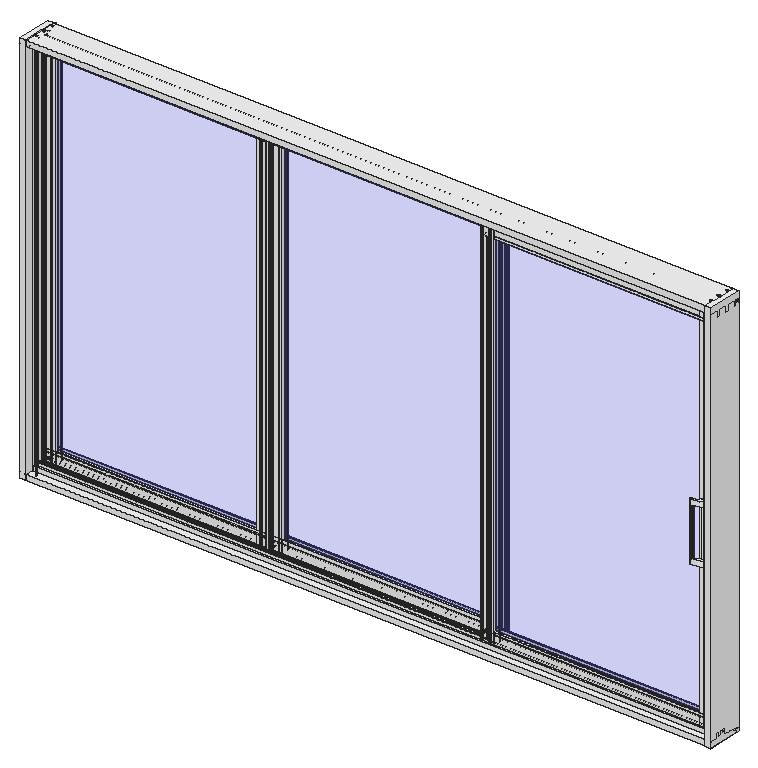
Revit family "Patio-Door_R-550-2-0_3-Light_XOO_7in_Novatech", category Doors, host Wall, Revit 2026 (continued)
Definition of nested family "NOVATECH_R-550 (2.0)_3 LIGHT_XOO_7in_SASH_O_MID"
  Definition of nested family "NOVATECH_650_2 LIGHT_SASH_O_SILL1"
    Automatic sketch dimensions
      Extrusion 1 sketch curve to Extrusion 1 sketch curve = 0.01575"  (x2)
      Extrusion 1 sketch curve to Extrusion 1 sketch curve = 0.00787"
      Extrusion 1 sketch curve to Extrusion 1 sketch curve = 0.02953"  (x2)
      level to Extrusion 1 sketch curve = 0.29592"
      Extrusion 1 sketch curve to Extrusion 1 sketch curve = 0.0748"  (x4)
      Extrusion 1 sketch curve to Extrusion 1 sketch curve = 0.03092"
      Extrusion 1 sketch curve to Extrusion 1 sketch curve = 0.00937"
      Extrusion 1 sketch curve to Extrusion 1 sketch curve = 0.00959"
      Extrusion 1 sketch curve to Extrusion 1 sketch curve = 0.00598"
      Extrusion 1 sketch curve to Extrusion 1 sketch curve = 0.01461"
      Extrusion 1 sketch curve to Extrusion 1 sketch curve = 0.00819"
      Extrusion 1 sketch curve to Extrusion 1 sketch curve = 0.0222"
      Extrusion 1 sketch curve to Extrusion 1 sketch curve = 0.03408"
      Extrusion 1 sketch curve to Extrusion 1 sketch curve = 0.06962"
      Extrusion 1 sketch curve to Extrusion 1 sketch curve = 0.06844"
      Extrusion 1 sketch curve to Extrusion 1 sketch curve = 0.04657"
      Extrusion 1 sketch curve to Extrusion 1 sketch curve = 0.00316"
      Extrusion 1 sketch curve to Extrusion 1 sketch curve = 0.00969"
      Extrusion 1 sketch curve to Extrusion 1 sketch curve = 0.06392"
      Extrusion 1 sketch curve to Extrusion 1 sketch curve = 0.01918"
      Extrusion 1 sketch curve to Extrusion 1 sketch curve = 0.05118"  (x4)
      Extrusion 1 sketch curve to Extrusion 1 sketch curve = 0.27362"
      Extrusion 1 sketch curve to Extrusion 1 sketch curve = 0.1068"
      Extrusion 1 sketch curve to Extrusion 1 sketch curve = 0.0059"
      Extrusion 1 sketch curve to Extrusion 1 sketch curve = 0.33858"
      Extrusion 1 sketch curve to Extrusion 1 sketch curve = 0.03549"  (x2)
      Extrusion 1 sketch curve to Extrusion 1 sketch curve = 0.01569"  (x2)
      Extrusion 1 sketch curve to Extrusion 1 sketch curve = 0.01969"  (x4)
      Extrusion 1 sketch curve to Extrusion 1 sketch curve = 0.04337"  (x2)
      Extrusion 1 sketch curve to Extrusion 1 sketch curve = 0.06493"
      level to Extrusion 1 sketch curve = 1.03252"
      Extrusion 1 sketch curve to Extrusion 1 sketch curve = 0.0229"
      level to Extrusion 1 sketch curve = 0.10955"
      Extrusion 1 sketch curve to Extrusion 1 sketch curve = 0.40333"
      Extrusion 1 sketch curve to Extrusion 1 sketch curve = 0.01239"
      Extrusion 1 sketch curve to Extrusion 1 sketch curve = 0.02058"
      Extrusion 1 sketch curve to Extrusion 1 sketch curve = 0.00967"  (x2)
      Extrusion 1 sketch curve to Extrusion 1 sketch curve = 0.00631"
      Extrusion 1 sketch curve to Extrusion 1 sketch curve = 0.0616"
      level to Extrusion 1 sketch curve = 0.06892"
      Extrusion 1 sketch curve to Extrusion 1 sketch curve = 0.05043"
      Extrusion 1 sketch curve to Extrusion 1 sketch curve = 0.1482"
      Extrusion 1 sketch curve to Extrusion 1 sketch curve = 0.04272"
      Extrusion 1 sketch curve to Extrusion 1 sketch curve = 0.03356"
      Extrusion 1 sketch curve to Extrusion 1 sketch curve = 0.07449"
      Extrusion 1 sketch curve to Extrusion 1 sketch curve = 0.07874"  (x2)
      level to Extrusion 1 sketch curve = 0.14323"
      Extrusion 1 sketch curve to Extrusion 1 sketch curve = 0.5026"
      Extrusion 1 sketch curve to Extrusion 1 sketch curve = 0.50659"
      Extrusion 1 sketch curve to Extrusion 1 sketch curve = 0.03075"
      Extrusion 1 sketch curve to Extrusion 1 sketch curve = 0.1404"
      Extrusion 1 sketch curve to Extrusion 1 sketch curve = 0.01904"
      Extrusion 1 sketch curve to Extrusion 1 sketch curve = 0.00065"
      Extrusion 1 sketch curve to Extrusion 1 sketch curve = 1"
      Extrusion 1 sketch curve to Extrusion 1 sketch curve = 0.03346"
      Extrusion 1 sketch curve to Extrusion 1 sketch curve = 0.11599"
      level to Extrusion 1 sketch curve = 0.90785"
      Extrusion 1 sketch curve to Extrusion 1 sketch curve = 0.09816"
      level to Extrusion 1 sketch curve = 0.74086"
      Extrusion 1 sketch curve to Extrusion 1 sketch curve = 0.09827"
      level to Extrusion 1 sketch curve = 0.30513"
      Extrusion 1 sketch curve to Extrusion 1 sketch curve = 0.41244"
      level to Extrusion 1 sketch curve = 0.01275"
      Extrusion 1 sketch curve to Extrusion 1 sketch curve = 0.00019"
      Extrusion 1 sketch curve to Extrusion 1 sketch curve = 0.03978"
      Extrusion 1 sketch curve to Extrusion 1 sketch curve = 0.20669"
      Extrusion 1 sketch curve to Extrusion 1 sketch curve = 0.00411"
      Extrusion 1 sketch curve to Extrusion 1 sketch curve = 0.03502"
      Extrusion 1 sketch curve to Extrusion 1 sketch curve = 0.07481"
      Extrusion 1 sketch curve to Extrusion 1 sketch curve = 0.01687"
      Extrusion 1 sketch curve to Extrusion 1 sketch curve = 0.01124"
      Extrusion 1 sketch curve to Extrusion 1 sketch curve = 0.22711"
      Extrusion 1 sketch curve to Extrusion 1 sketch curve = 0.1947"
      Extrusion 1 sketch curve to Extrusion 1 sketch curve = 0.41612"
      Extrusion 1 sketch curve to Extrusion 1 sketch curve = 0.00031"
      Extrusion 1 sketch curve to Extrusion 1 sketch curve = 0.00715"  (x2)
      Extrusion 1 sketch curve to Extrusion 1 sketch curve = 0.01615"  (x2)
      Extrusion 1 sketch curve to Extrusion 1 sketch curve = 0.00335"
      Extrusion 1 sketch curve to Extrusion 1 sketch curve = 0.05481"
      Extrusion 1 sketch curve to Extrusion 1 sketch curve = 0.03956"
      Extrusion 1 sketch curve to Extrusion 1 sketch curve = 0.06299"  (x4)
      Extrusion 1 sketch curve to Extrusion 1 sketch curve = 0.1811"  (x2)
      Extrusion 1 sketch curve to Extrusion 1 sketch curve = 0.09535"
      Extrusion 1 sketch curve to Extrusion 1 sketch curve = 0.21137"
      Extrusion 1 sketch curve to Extrusion 1 sketch curve = 0.87008"
      Extrusion 1 sketch curve to Extrusion 1 sketch curve = 0.07575"
      Extrusion 1 sketch curve to Extrusion 1 sketch curve = 0.00048"
      Extrusion 1 sketch curve to Extrusion 1 sketch curve = 0.01881"
      Extrusion 1 sketch curve to Extrusion 1 sketch curve = 0.00339"
      Extrusion 1 sketch curve to Extrusion 1 sketch curve = 0.012"
      Extrusion 1 sketch curve to Extrusion 1 sketch curve = 0.08274"
      Extrusion 1 sketch curve to Extrusion 1 sketch curve = 0.05959"
      Extrusion 1 sketch curve to Extrusion 1 sketch curve = 0.16787"
      Extrusion 1 sketch curve to Extrusion 1 sketch curve = 0.00014"  (x2)
      Extrusion 1 sketch curve to Extrusion 1 sketch curve = 0.00724"
      Extrusion 1 sketch curve to Extrusion 1 sketch curve = 0.00785"
      Extrusion 1 sketch curve to Extrusion 1 sketch curve = 0.00992"
      Extrusion 1 sketch curve to Extrusion 1 sketch curve = 0.01537"
      Extrusion 1 sketch curve to Extrusion 1 sketch curve = 0.05162"
      Extrusion 1 sketch curve to Extrusion 1 sketch curve = 0.12471"
      Extrusion 1 sketch curve to Extrusion 1 sketch curve = 0.50115"
      Extrusion 1 sketch curve to Extrusion 1 sketch curve = 0.52341"
      Extrusion 1 sketch curve to Extrusion 1 sketch curve = 0.02226"
      Extrusion 1 sketch curve to Extrusion 1 sketch curve = 0.00984"
      Extrusion 1 sketch curve to Extrusion 1 sketch curve = 0.04131"
  Definition of nested family "NOVATECH_650_3 LIGHT_OXO_SASH_O_HEADER"
    Parameters (values of type "O HEADER")
      Length [instance] = 25.4316"
      Frame Material = none
      Default Elevation = 0"
    Reference planes (in)
      plane 1 "Center (Front/Back)": y = 0
      plane 2: z = 0
      plane 3 "Center (Left/Right)": x = 0
      plane 4: x = 25.4316
    Forms (in)
      Extrusion 1, solid, material <- "Frame Material"
        sketch origin (0, 3.99113, -1.74837) x (0, 1, 0) y (0, 0, 1)
          loop
            line (-2.76869, 4.29213) -> (-2.76869, 4.20908) -> (-2.71751, 4.20908) -> (-2.71751, 4.27208) -> (-2.66633, 4.27208) -> (-2.66633, 3.96499) -> (-2.71751, 3.96499) -> (-2.71751, 4.02798) -> (-2.76869, 4.02798) -> (-2.76869, 3.64252) -> (-3.55609, 3.64252) -> (-3.55609, 4.02798) -> (-3.60728, 4.02798) -> (-3.60728, 3.96499) -> (-3.65846, 3.96499) -> (-3.65846, 4.27208) -> (-3.60728, 4.27208) -> (-3.60728, 4.20908) -> (-3.55609, 4.20908) -> (-3.55609, 4.29213)
            arc (-3.55609, 4.29213) -> (-3.57339, 4.33389) -> (-3.61515, 4.35118) r 0.05906
            line (-3.61515, 4.35118) -> (-3.93208, 4.35118)
            arc (-3.93208, 4.35118) -> (-3.97384, 4.33389) -> (-3.99113, 4.29213) r 0.05906
            line (-3.99113, 4.29213) -> (-3.99113, 1.81194)
            arc (-3.99113, 1.81194) -> (-3.98389, 1.79257) -> (-3.96572, 1.7827) r 0.02953
            line (-3.96572, 1.7827) -> (-3.72145, 1.74837) -> (-3.72145, 1.78968) -> (-3.75491, 1.78968) -> (-3.75491, 2.4378) -> (-3.65663, 2.4378) -> (-3.65663, 2.3126) -> (-2.78262, 2.3126) -> (-2.78262, 2.4378) -> (-2.55413, 2.4378) -> (-2.55413, 2.67402) -> (-2.60531, 2.67402) -> (-2.60531, 2.77244) -> (-2.41239, 2.77244) -> (-2.41239, 2.4378) -> (-2.33365, 2.4378) -> (-2.33365, 4.29213)
            arc (-2.33365, 4.29213) -> (-2.35095, 4.33389) -> (-2.39271, 4.35118) r 0.05906
            line (-2.39271, 4.35118) -> (-2.70964, 4.35118)
            arc (-2.70964, 4.35118) -> (-2.7514, 4.33389) -> (-2.76869, 4.29213) r 0.05906
          loop
            line (-2.33365, 1.77983) -> (-2.33365, 2.41424)
            arc (-2.33365, 2.41424) -> (-2.34153, 2.42788) -> (-2.35728, 2.42788) r 0.01575
            line (-2.35728, 2.42788) -> (-2.3867, 2.41134)
            arc (-2.3867, 2.41134) -> (-2.40913, 2.41876) -> (-2.41969, 2.43989) r 0.03079
            line (-2.41969, 2.43989) -> (-2.43129, 2.60578) -> (-2.46833, 2.69723)
            arc (-2.46833, 2.69723) -> (-2.49406, 2.72434) -> (-2.53137, 2.72666) r 0.05107
            arc (-2.53137, 2.72666) -> (-2.55479, 2.69582) -> (-2.53061, 2.66558) r 0.0315
            line (-2.53061, 2.66558) -> (-2.49742, 2.58344) -> (-2.48648, 2.44027) -> (-2.57331, 2.38618) -> (-2.68011, 2.42243)
            arc (-2.68011, 2.42243) -> (-2.69481, 2.42088) -> (-2.70176, 2.40783) r 0.01575
            line (-2.70176, 2.40783) -> (-2.70176, 1.78968) -> (-2.72145, 1.75031) -> (-2.36318, 1.75031)
            arc (-2.36318, 1.75031) -> (-2.3423, 1.75896) -> (-2.33365, 1.77983) r 0.02953
        from 0 to 25.4316
    Dimensions and locks (in)
      "Length": plane 3 "Center (Left/Right)" to plane 4
      aligned and locked: plane 2 to level
      aligned and locked: plane 4 to Extrusion 1
      aligned and locked: Extrusion 1 to plane 3 "Center (Left/Right)"
    Automatic sketch dimensions
      Extrusion 1 sketch curve to level = 0"
      plane 1 "Center (Front/Back)" to Extrusion 1 sketch curve = 0"
      level to Extrusion 1 sketch curve = 0.03433"
      Extrusion 1 sketch curve to Extrusion 1 sketch curve = 0.02542"
      Extrusion 1 sketch curve to Extrusion 1 sketch curve = 0.02953"
      Extrusion 1 sketch curve to Extrusion 1 sketch curve = 0.05906"
      Extrusion 1 sketch curve to Extrusion 1 sketch curve = 0.20669"
      Extrusion 1 sketch curve to Extrusion 1 sketch curve = 0.03346"
      Extrusion 1 sketch curve to Extrusion 1 sketch curve = 0.27362"  (x2)
      Extrusion 1 sketch curve to Extrusion 1 sketch curve = 0.09828"
      Extrusion 1 sketch curve to Extrusion 1 sketch curve = 0.04331"
      Extrusion 1 sketch curve to Extrusion 1 sketch curve = 0.00787"  (x2)
      Extrusion 1 sketch curve to Extrusion 1 sketch curve = 0.05118"  (x4)
      Extrusion 1 sketch curve to plane 1 "Center (Front/Back)" = 1.20852"
      Extrusion 1 sketch curve to plane 1 "Center (Front/Back)" = 1.22244"  (x2)
      Extrusion 1 sketch curve to plane 1 "Center (Front/Back)" = 1.26968"
      Extrusion 1 sketch curve to plane 1 "Center (Front/Back)" = 1.27362"  (x2)
      Extrusion 1 sketch curve to plane 1 "Center (Front/Back)" = 1.2815"
      Extrusion 1 sketch curve to plane 1 "Center (Front/Back)" = 1.28937"
      Extrusion 1 sketch curve to plane 1 "Center (Front/Back)" = 1.28938"
      Extrusion 1 sketch curve to Extrusion 1 sketch curve = 0.01575"  (x2)
      Extrusion 1 sketch curve to Extrusion 1 sketch curve = 0.0059"
      Extrusion 1 sketch curve to plane 1 "Center (Front/Back)" = 1.38583"
      Extrusion 1 sketch curve to Extrusion 1 sketch curve = 0.1068"
      Extrusion 1 sketch curve to Extrusion 1 sketch curve = 0.01918"
      Extrusion 1 sketch curve to Extrusion 1 sketch curve = 0.02352"
      Extrusion 1 sketch curve to Extrusion 1 sketch curve = 0.00731"
      Extrusion 1 sketch curve to Extrusion 1 sketch curve = 0.01494"
      Extrusion 1 sketch curve to Extrusion 1 sketch curve = 0.03319"
      Extrusion 1 sketch curve to Extrusion 1 sketch curve = 0.06765"
      Extrusion 1 sketch curve to Extrusion 1 sketch curve = 0.04734"
      Extrusion 1 sketch curve to Extrusion 1 sketch curve = 0.06613"
      Extrusion 1 sketch curve to Extrusion 1 sketch curve = 0.06679"
      Extrusion 1 sketch curve to Extrusion 1 sketch curve = 0.0073"
      Extrusion 1 sketch curve to Extrusion 1 sketch curve = 0.02341"
      Extrusion 1 sketch curve to Extrusion 1 sketch curve = 0.00228"
      level to Extrusion 1 sketch curve = 0.00194"
      Extrusion 1 sketch curve to Extrusion 1 sketch curve = 0.33858"
      Extrusion 1 sketch curve to Extrusion 1 sketch curve = 0.02942"
      Extrusion 1 sketch curve to Extrusion 1 sketch curve = 0.02362"
      level to Extrusion 1 sketch curve = 0.04131"  (x2)
      Extrusion 1 sketch curve to Extrusion 1 sketch curve = 0.52292"
      Extrusion 1 sketch curve to Extrusion 1 sketch curve = 0.07358"
      Extrusion 1 sketch curve to Extrusion 1 sketch curve = 0.02165"
      Extrusion 1 sketch curve to Extrusion 1 sketch curve = 0"
      Extrusion 1 sketch curve to Extrusion 1 sketch curve = 0.02516"
      Extrusion 1 sketch curve to Extrusion 1 sketch curve = 0.0029"
      Extrusion 1 sketch curve to Extrusion 1 sketch curve = 0.05162"
      Extrusion 1 sketch curve to Extrusion 1 sketch curve = 0.02356"
      Extrusion 1 sketch curve to Extrusion 1 sketch curve = 0.1252"
      Extrusion 1 sketch curve to Extrusion 1 sketch curve = 0.00209"
      Extrusion 1 sketch curve to Extrusion 1 sketch curve = 0.00038"
      Extrusion 1 sketch curve to Extrusion 1 sketch curve = 0.14318"
      Extrusion 1 sketch curve to Extrusion 1 sketch curve = 0.02234"
      Extrusion 1 sketch curve to Extrusion 1 sketch curve = 0.08214"
      Extrusion 1 sketch curve to Extrusion 1 sketch curve = 0.00844"
      Extrusion 1 sketch curve to Extrusion 1 sketch curve = 0.01248"
      Extrusion 1 sketch curve to Extrusion 1 sketch curve = 0.01815"
      Extrusion 1 sketch curve to Extrusion 1 sketch curve = 0.01917"
      Extrusion 1 sketch curve to Extrusion 1 sketch curve = 0.07521"
      Extrusion 1 sketch curve to Extrusion 1 sketch curve = 1.20472"
      Extrusion 1 sketch curve to Extrusion 1 sketch curve = 0.32247"  (x2)
      Extrusion 1 sketch curve to Extrusion 1 sketch curve = 0.06299"  (x4)
      Extrusion 1 sketch curve to Extrusion 1 sketch curve = 0.1811"  (x2)
      Extrusion 1 sketch curve to Extrusion 1 sketch curve = 0.02005"  (x2)
  Definition of nested family "NOVATECH_650_2 LIGHT_SASH_O_LEFT"
    Parameters (values of type "NOVATECH_650_2 LIGHT_SASH_X_RIGHT")
      Length = 91 121/128"
      Frame Material = none
      Default Elevation = 0"
    Types (2): name | Length
      NOVATECH_650_2 LIGHT_SASH_X_RIGHT | 91 121/128"
      X_RIGHT | 75 121/128"
    Reference planes (in)
      plane 1 "Center (Front/Back)": y = 0
      plane 2: z = 0
      plane 3 "Center (Left/Right)": x = 0
      plane 4: z = 91.94531
      plane 5: y = 1.34858
    Forms (in)
      Extrusion 1, solid, material <- "Frame Material"
        sketch origin (0, 0, 0) x (1, 0, 0) y (0, 1, 0)
          loop
            arc (0, 2.62973) -> (-0.00724, 2.6491) -> (-0.02542, 2.65897) r 0.02953
            line (-0.02542, 2.65897) -> (-0.2697, 2.6933) -> (-0.2697, 2.65199) -> (-0.23622, 2.65199) -> (-0.23622, 2.00387) -> (-0.33269, 2.00387) -> (-0.33269, 2.12907) -> (-1.20671, 2.12907) -> (-1.20671, 2.00387) -> (-1.43701, 2.00387) -> (-1.43701, 1.76765) -> (-1.38583, 1.76765) -> (-1.38583, 1.66923) -> (-1.57874, 1.66923) -> (-1.57874, 2.00387) -> (-1.65748, 2.00387) -> (-1.65748, 0.14954)
            arc (-1.65748, 0.14954) -> (-1.64018, 0.10778) -> (-1.59843, 0.09049) r 0.05906
            line (-1.59843, 0.09049) -> (-1.2815, 0.09049)
            arc (-1.2815, 0.09049) -> (-1.23974, 0.10778) -> (-1.22244, 0.14954) r 0.05906
            line (-1.22244, 0.14954) -> (-1.22244, 0.21684)
            arc (-1.22244, 0.21684) -> (-1.24803, 0.23208) -> (-1.27362, 0.21684) r 0.02911
            line (-1.27362, 0.21684) -> (-1.27362, 0.18534)
            arc (-1.27362, 0.18534) -> (-1.29921, 0.16614) -> (-1.3248, 0.18534) r 0.02665
            line (-1.3248, 0.18534) -> (-1.3248, 0.46093)
            arc (-1.3248, 0.46093) -> (-1.29921, 0.47787) -> (-1.27362, 0.46093) r 0.0278
            line (-1.27362, 0.46093) -> (-1.27362, 0.42944)
            arc (-1.27362, 0.42944) -> (-1.24803, 0.41044) -> (-1.22244, 0.42944) r 0.02674
            line (-1.22244, 0.42944) -> (-1.22244, 0.79915) -> (-0.43504, 0.79915) -> (-0.43504, 0.42944)
            arc (-0.43504, 0.42944) -> (-0.40945, 0.41134) -> (-0.38386, 0.42944) r 0.02714
            line (-0.38386, 0.42944) -> (-0.38386, 0.46093)
            arc (-0.38386, 0.46093) -> (-0.35827, 0.47851) -> (-0.33268, 0.46093) r 0.02742
            line (-0.33268, 0.46093) -> (-0.33268, 0.18534)
            arc (-0.33268, 0.18534) -> (-0.35827, 0.16767) -> (-0.38386, 0.18534) r 0.02737
            line (-0.38386, 0.18534) -> (-0.38386, 0.21684)
            arc (-0.38386, 0.21684) -> (-0.40945, 0.23441) -> (-0.43504, 0.21684) r 0.02742
            line (-0.43504, 0.21684) -> (-0.43504, 0.14954)
            arc (-0.43504, 0.14954) -> (-0.41774, 0.10778) -> (-0.37598, 0.09049) r 0.05906
            line (-0.37598, 0.09049) -> (-0.05906, 0.09049)
            arc (-0.05906, 0.09049) -> (-0.0173, 0.10778) -> (0, 0.14954) r 0.05906
            line (0, 0.14954) -> (0, 2.62973)
          loop
            line (-1.26968, 2.69136) -> (-1.63186, 2.69136)
            arc (-1.63186, 2.69136) -> (-1.65274, 2.68271) -> (-1.66139, 2.66184) r 0.02953
            line (-1.66139, 2.66184) -> (-1.66139, 2.03134)
            arc (-1.66139, 2.03134) -> (-1.65351, 2.0177) -> (-1.63776, 2.0177) r 0.01575
            line (-1.63776, 2.0177) -> (-1.60447, 2.02776)
            arc (-1.60447, 2.02776) -> (-1.5765, 2.02149) -> (-1.56742, 1.9943) r 0.02915
            line (-1.56742, 1.9943) -> (-1.55564, 1.8258) -> (-1.5226, 1.74475)
            arc (-1.5226, 1.74475) -> (-1.49938, 1.71919) -> (-1.46518, 1.71446) r 0.05066
            arc (-1.46518, 1.71446) -> (-1.44119, 1.73462) -> (-1.44649, 1.76552) r 0.0315
            line (-1.44649, 1.76552) -> (-1.49117, 1.87611) -> (-1.50093, 2.00373) -> (-1.41782, 2.05549) -> (-1.31103, 2.01924)
            arc (-1.31103, 2.01924) -> (-1.29632, 2.02079) -> (-1.28938, 2.03384) r 0.01575
            line (-1.28938, 2.03384) -> (-1.28937, 2.65199) -> (-1.26968, 2.69136)
          loop
            line (-0.00211, 0.03937) -> (-0.00211, 0.07978)
            arc (-0.00211, 0.07978) -> (-0.03593, 0.08542) -> (-0.06479, 0.06693) r 0.04772
            line (-0.06479, 0.06693) -> (-0.47548, 0.06693) -> (-0.43728, 0.25591) -> (-0.38775, 0.25591)
            arc (-0.38775, 0.25591) -> (-0.37304, 0.26603) -> (-0.37725, 0.28339) r 0.01575
            line (-0.37725, 0.28339) -> (-0.48021, 0.397)
            arc (-0.48021, 0.397) -> (-0.50305, 0.39997) -> (-0.51354, 0.37946) r 0.02
            line (-0.51354, 0.37946) -> (-0.49602, 0.25591) -> (-0.53342, 0.07087) -> (-1.12397, 0.07087) -> (-1.16137, 0.25591) -> (-1.14388, 0.37069)
            arc (-1.14388, 0.37069) -> (-1.15425, 0.39135) -> (-1.17718, 0.38843) r 0.02
            line (-1.17718, 0.38843) -> (-1.26861, 0.27418)
            arc (-1.26861, 0.27418) -> (-1.27096, 0.25494) -> (-1.2548, 0.24424) r 0.01844
            line (-1.2548, 0.24424) -> (-1.21775, 0.24424) -> (-1.18191, 0.06693) -> (-1.90877, 0.06693)
            arc (-1.90877, 0.06693) -> (-1.9366, 0.07846) -> (-1.94814, 0.1063) r 0.03937
            line (-1.94814, 0.1063) -> (-1.94814, 0.65641) -> (-1.88892, 0.65641) -> (-1.88892, 0.81723) -> (-1.67827, 0.81723) -> (-1.67827, 0.88415) -> (-1.88892, 0.88415) -> (-1.88892, 1.06988) -> (-1.91798, 1.10788) -> (-1.91798, 1.49105) -> (-1.97857, 1.596)
            arc (-1.97857, 1.596) -> (-1.9796, 1.62721) -> (-2.00807, 1.64005) r 0.02953
            arc (-2.00807, 1.64005) -> (-2.03144, 1.63301) -> (-2.04153, 1.61078) r 0.02953
            line (-2.04153, 1.61078) -> (-2.04153, 1.5712) -> (-1.98491, 1.47312) -> (-1.98491, 1.1048)
            arc (-1.98491, 1.1048) -> (-1.99337, 1.08863) -> (-2.01148, 1.08636) r 0.01969
            arc (-2.01148, 1.08636) -> (-2.04528, 1.0621) -> (-2.05821, 1.02255) r 0.06693
            line (-2.05821, 1.02255) -> (-2.05804, 0.97924)
            arc (-2.05804, 0.97924) -> (-2.03245, 0.96046) -> (-2.00686, 0.97924) r 0.02682
            line (-2.00686, 0.97924) -> (-2.00703, 1.01074)
            arc (-2.00703, 1.01074) -> (-1.98144, 1.03036) -> (-1.95585, 1.01074) r 0.0265
            line (-1.95585, 1.01074) -> (-1.95585, 0.73515)
            arc (-1.95585, 0.73515) -> (-1.98144, 0.71657) -> (-2.00703, 0.73515) r 0.02691
            line (-2.00703, 0.73515) -> (-2.00703, 0.77452)
            arc (-2.00703, 0.77452) -> (-2.03262, 0.79092) -> (-2.05821, 0.77452) r 0.02817
            line (-2.05821, 0.77452) -> (-2.05821, 0.72334)
            arc (-2.05821, 0.72334) -> (-2.04638, 0.68534) -> (-2.01506, 0.66078) r 0.06693
            line (-2.01506, 0.66078) -> (-2.01506, 0.07874)
            arc (-2.01506, 0.07874) -> (-1.992, 0.02306) -> (-1.93632, 0) r 0.07874
            line (-1.93632, 0) -> (-0.04148, 0)
            arc (-0.04148, 0) -> (-0.01364, 0.01153) -> (-0.00211, 0.03937) r 0.03937
        from 0 to 91.94531
    Dimensions and locks (in)
      "Length": plane 4 to level
      aligned and locked: plane 2 to level
      aligned and locked: Extrusion 1 to level
      aligned and locked: plane 4 to Extrusion 1
    Automatic sketch dimensions
      Extrusion 1 sketch curve to plane 5 = 0.32603"
      Extrusion 1 sketch curve to plane 3 "Center (Left/Right)" = 2.05821"
      Extrusion 1 sketch curve to Extrusion 1 sketch curve = 0"  (x3)
      Extrusion 1 sketch curve to plane 5 = 0.36934"  (x2)
      Extrusion 1 sketch curve to Extrusion 1 sketch curve = 0.00017"
      Extrusion 1 sketch curve to Extrusion 1 sketch curve = 0.01668"
      Extrusion 1 sketch curve to Extrusion 1 sketch curve = 0.02559"  (x18)
      Extrusion 1 sketch curve to Extrusion 1 sketch curve = 0.04315"
      Extrusion 1 sketch curve to Extrusion 1 sketch curve = 0.02953"  (x2)
      Extrusion 1 sketch curve to plane 5 = 0.33784"
      Extrusion 1 sketch curve to Extrusion 1 sketch curve = 0.02542"
      Extrusion 1 sketch curve to Extrusion 1 sketch curve = 0.00244"
      Extrusion 1 sketch curve to Extrusion 1 sketch curve = 0.00787"  (x3)
      Extrusion 1 sketch curve to Extrusion 1 sketch curve = 0.01575"  (x4)
      Extrusion 1 sketch curve to Extrusion 1 sketch curve = 0.05662"
      Extrusion 1 sketch curve to Extrusion 1 sketch curve = 0.00984"  (x5)
      plane 5 to Extrusion 1 sketch curve = 0.24742"
      Extrusion 1 sketch curve to Extrusion 1 sketch curve = 0.02556"
      Extrusion 1 sketch curve to Extrusion 1 sketch curve = 0.06693"  (x3)
      Extrusion 1 sketch curve to Extrusion 1 sketch curve = 0.01181"  (x2)
      Extrusion 1 sketch curve to Extrusion 1 sketch curve = 0.02756"  (x2)
      Extrusion 1 sketch curve to Extrusion 1 sketch curve = 0.05921"
      Extrusion 1 sketch curve to Extrusion 1 sketch curve = 0.21066"
      Extrusion 1 sketch curve to Extrusion 1 sketch curve = 0.31718"
      Extrusion 1 sketch curve to Extrusion 1 sketch curve = 1/256"
      Extrusion 1 sketch curve to Extrusion 1 sketch curve = 0.0333"
      Extrusion 1 sketch curve to Extrusion 1 sketch curve = 0.05906"  (x3)
      Extrusion 1 sketch curve to Extrusion 1 sketch curve = 0.00843"
      Extrusion 1 sketch curve to Extrusion 1 sketch curve = 0.0173"
      plane 5 to Extrusion 1 sketch curve = 0.64572"
      Extrusion 1 sketch curve to Extrusion 1 sketch curve = 0.01132"
      plane 5 to Extrusion 1 sketch curve = 0.47721"
      Extrusion 1 sketch curve to Extrusion 1 sketch curve = 0.0231"
      plane 5 to Extrusion 1 sketch curve = 0.39617"
      Extrusion 1 sketch curve to Extrusion 1 sketch curve = 0.03304"
      Extrusion 1 sketch curve to Extrusion 1 sketch curve = 0.0665"
      plane 5 to Extrusion 1 sketch curve = 0.52753"
      Extrusion 1 sketch curve to Extrusion 1 sketch curve = 0.06447"
      Extrusion 1 sketch curve to Extrusion 1 sketch curve = 3/64"
      Extrusion 1 sketch curve to Extrusion 1 sketch curve = 0.00498"
      plane 5 to Extrusion 1 sketch curve = 0.41693"
      Extrusion 1 sketch curve to Extrusion 1 sketch curve = 0.02926"
      Extrusion 1 sketch curve to Extrusion 1 sketch curve = 0.06392"
      Extrusion 1 sketch curve to Extrusion 1 sketch curve = 0.01918"
      Extrusion 1 sketch curve to Extrusion 1 sketch curve = 0.05118"
      Extrusion 1 sketch curve to Extrusion 1 sketch curve = 0.27362"
      plane 5 to Extrusion 1 sketch curve = 0.67066"
      Extrusion 1 sketch curve to Extrusion 1 sketch curve = 0.1068"
      Extrusion 1 sketch curve to Extrusion 1 sketch curve = 0.0059"
      plane 5 to Extrusion 1 sketch curve = 0.68526"
      Extrusion 1 sketch curve to Extrusion 1 sketch curve = 0.34249"
      Extrusion 1 sketch curve to Extrusion 1 sketch curve = 0.01772"
      Extrusion 1 sketch curve to Extrusion 1 sketch curve = 0.01969"
      Extrusion 1 sketch curve to plane 5 = 1.0744"
      Extrusion 1 sketch curve to Extrusion 1 sketch curve = 0.00501"
      Extrusion 1 sketch curve to Extrusion 1 sketch curve = 0.0138"
      Extrusion 1 sketch curve to Extrusion 1 sketch curve = 0.00059"
      Extrusion 1 sketch curve to plane 5 = 1.10435"
      Extrusion 1 sketch curve to Extrusion 1 sketch curve = 0.00469"
      Extrusion 1 sketch curve to Extrusion 1 sketch curve = 0.08267"
      Extrusion 1 sketch curve to plane 5 = 1.28165"
      Extrusion 1 sketch curve to Extrusion 1 sketch curve = 0.04053"
      Extrusion 1 sketch curve to plane 5 = 0.96015"
      Extrusion 1 sketch curve to Extrusion 1 sketch curve = 0.04526"
      Extrusion 1 sketch curve to Extrusion 1 sketch curve = 0.01353"  (x2)
      Extrusion 1 sketch curve to plane 5 = 1.09268"  (x3)
      Extrusion 1 sketch curve to Extrusion 1 sketch curve = 0.05638"
      Extrusion 1 sketch curve to plane 5 = 0.9779"
      Extrusion 1 sketch curve to Extrusion 1 sketch curve = 0.01977"
      Extrusion 1 sketch curve to plane 5 = 1.27772"
      Extrusion 1 sketch curve to Extrusion 1 sketch curve = 0.05794"  (x2)
      Extrusion 1 sketch curve to Extrusion 1 sketch curve = 0.59055"
      Extrusion 1 sketch curve to plane 5 = 0.96913"
      Extrusion 1 sketch curve to Extrusion 1 sketch curve = 0.01988"
      Extrusion 1 sketch curve to Extrusion 1 sketch curve = 0.01752"
      Extrusion 1 sketch curve to Extrusion 1 sketch curve = 0.0198"
      Extrusion 1 sketch curve to plane 5 = 0.95159"
      Extrusion 1 sketch curve to Extrusion 1 sketch curve = 0.05874"
      Extrusion 1 sketch curve to Extrusion 1 sketch curve = 0.04517"
      Extrusion 1 sketch curve to Extrusion 1 sketch curve = 0.00224"
      Extrusion 1 sketch curve to Extrusion 1 sketch curve = 0.04953"
      Extrusion 1 sketch curve to plane 5 = 1.06519"
      Extrusion 1 sketch curve to Extrusion 1 sketch curve = 0.0105"
      Extrusion 1 sketch curve to Extrusion 1 sketch curve = 0.87402"
      Extrusion 1 sketch curve to Extrusion 1 sketch curve = 0.06299"
      Extrusion 1 sketch curve to Extrusion 1 sketch curve = 0.03348"
      Extrusion 1 sketch curve to Extrusion 1 sketch curve = 0.26789"
      Extrusion 1 sketch curve to Extrusion 1 sketch curve = 0.00574"
      Extrusion 1 sketch curve to Extrusion 1 sketch curve = 0.02331"
      Extrusion 1 sketch curve to Extrusion 1 sketch curve = 0.20669"
      Extrusion 1 sketch curve to Extrusion 1 sketch curve = 0.01514"
      plane 5 to Extrusion 1 sketch curve = 1.31039"
      Extrusion 1 sketch curve to Extrusion 1 sketch curve = 0.00411"
      Extrusion 1 sketch curve to Extrusion 1 sketch curve = 0.02423"
      Extrusion 1 sketch curve to plane 5 = 1.30921"
      Extrusion 1 sketch curve to Extrusion 1 sketch curve = 0.0007"
      Extrusion 1 sketch curve to Extrusion 1 sketch curve = 0.02356"  (x2)
      Extrusion 1 sketch curve to Extrusion 1 sketch curve = 0.0358"  (x2)
      Extrusion 1 sketch curve to Extrusion 1 sketch curve = 0.00745"
      Extrusion 1 sketch curve to Extrusion 1 sketch curve = 0.0097"
      Extrusion 1 sketch curve to Extrusion 1 sketch curve = 0.01763"
      Extrusion 1 sketch curve to Extrusion 1 sketch curve = 0.02165"  (x2)
      Extrusion 1 sketch curve to Extrusion 1 sketch curve = 0.01387"
      Extrusion 1 sketch curve to Extrusion 1 sketch curve = 0.04101"
      Extrusion 1 sketch curve to Extrusion 1 sketch curve = 0.03244"
      Extrusion 1 sketch curve to Extrusion 1 sketch curve = 0.00774"
      Extrusion 1 sketch curve to Extrusion 1 sketch curve = 0.00904"
      Extrusion 1 sketch curve to Extrusion 1 sketch curve = 0.02064"
      Extrusion 1 sketch curve to Extrusion 1 sketch curve = 0.01086"
      Extrusion 1 sketch curve to Extrusion 1 sketch curve = 0.32283"
      Extrusion 1 sketch curve to Extrusion 1 sketch curve = 0.00437"
      Extrusion 1 sketch curve to Extrusion 1 sketch curve = 0.02015"
      Extrusion 1 sketch curve to Extrusion 1 sketch curve = 0.0276"
      Extrusion 1 sketch curve to Extrusion 1 sketch curve = 0.01177"
      Extrusion 1 sketch curve to Extrusion 1 sketch curve = 0.33821"
      Extrusion 1 sketch curve to Extrusion 1 sketch curve = 0.08207"
      Extrusion 1 sketch curve to Extrusion 1 sketch curve = 0.00804"
      Extrusion 1 sketch curve to Extrusion 1 sketch curve = 0.01869"
      Extrusion 1 sketch curve to Extrusion 1 sketch curve = 0.05914"
      Extrusion 1 sketch curve to Extrusion 1 sketch curve = 0.08225"
      Extrusion 1 sketch curve to Extrusion 1 sketch curve = 0.03799"
      Extrusion 1 sketch curve to Extrusion 1 sketch curve = 0.12288"
      Extrusion 1 sketch curve to Extrusion 1 sketch curve = 0.01793"
      Extrusion 1 sketch curve to Extrusion 1 sketch curve = 0.0248"
      Extrusion 1 sketch curve to Extrusion 1 sketch curve = 0.03959"
      Extrusion 1 sketch curve to Extrusion 1 sketch curve = 0.07552"
      Extrusion 1 sketch curve to Extrusion 1 sketch curve = 0.02006"
      Extrusion 1 sketch curve to Extrusion 1 sketch curve = 0.01855"
      Extrusion 1 sketch curve to Extrusion 1 sketch curve = 0.00214"
      Extrusion 1 sketch curve to Extrusion 1 sketch curve = 0.00555"
      Extrusion 1 sketch curve to Extrusion 1 sketch curve = 0.00942"
      Extrusion 1 sketch curve to Extrusion 1 sketch curve = 0.02997"
      Extrusion 1 sketch curve to Extrusion 1 sketch curve = 0.02389"
      Extrusion 1 sketch curve to Extrusion 1 sketch curve = 0.62586"
      Extrusion 1 sketch curve to Extrusion 1 sketch curve = 0.01383"
      Extrusion 1 sketch curve to Extrusion 1 sketch curve = 0.05162"
      Extrusion 1 sketch curve to Extrusion 1 sketch curve = 0.1252"
      Extrusion 1 sketch curve to Extrusion 1 sketch curve = 0.52292"
      Extrusion 1 sketch curve to Extrusion 1 sketch curve = 0.02226"
      Extrusion 1 sketch curve to Extrusion 1 sketch curve = 0.04131"
  Definition of nested family "NOVATECH_650_2 LIGHT_SASH_O_RIGHT"
    Parameters (values of type "O_RIGHT")
      Length = 75 121/128"
      Frame Material = none
      Default Elevation = 0"
    Types (3): name | Length
      O_RIGHT | 75 121/128"
      X_LEFT | 75 121/128"
      NOVATECH_650_2 LIGHT_SASH_O_LEFT | 91 121/128"
    Reference planes (in)
      plane 1 "Center (Front/Back)": y = 0
      plane 2: z = 0
      plane 3 "Center (Left/Right)": x = 0
      plane 4: z = 75.94531
      plane 5: x = 1.65748
    Forms (in)
      Extrusion 1, solid, material <- "Frame Material"
        sketch origin (0, 0, 0) x (1, 0, 0) y (0, 1, 0)
          loop
            line (0, 2.53924) -> (0, 0.05906)
            arc (0, 0.05906) -> (0.0173, 0.0173) -> (0.05906, 0) r 0.05906
            line (0.05906, 0) -> (0.37598, 0)
            arc (0.37598, 0) -> (0.41774, 0.0173) -> (0.43504, 0.05906) r 0.05906
            line (0.43504, 0.05906) -> (0.43504, 0.1421) -> (0.38386, 0.1421) -> (0.38386, 0.07911) -> (0.33268, 0.07911) -> (0.33268, 0.3862) -> (0.38386, 0.3862) -> (0.38386, 0.3232) -> (0.43504, 0.3232) -> (0.43504, 0.70866) -> (1.22244, 0.70866) -> (1.22244, 0.3232) -> (1.27362, 0.3232) -> (1.27362, 0.3862) -> (1.3248, 0.3862) -> (1.3248, 0.07911) -> (1.27362, 0.07911) -> (1.27362, 0.1421) -> (1.22244, 0.1421) -> (1.22244, 0.05906)
            arc (1.22244, 0.05906) -> (1.23974, 0.0173) -> (1.2815, 0) r 0.05906
            line (1.2815, 0) -> (1.59843, 0)
            arc (1.59843, 0) -> (1.64018, 0.0173) -> (1.65748, 0.05906) r 0.05906
            line (1.65748, 0.05906) -> (1.65748, 1.91339) -> (1.57874, 1.91339) -> (1.57874, 1.57874) -> (1.38583, 1.57874) -> (1.38583, 1.67717) -> (1.43701, 1.67717) -> (1.43701, 1.91339) -> (1.20669, 1.91339) -> (1.20669, 2.03858) -> (0.33268, 2.03858) -> (0.33268, 1.91339) -> (0.23622, 1.91339) -> (0.23622, 2.56151) -> (0.26968, 2.56151) -> (0.26968, 2.60281) -> (0.02542, 2.56849)
            arc (0.02542, 2.56849) -> (0.00724, 2.55862) -> (0, 2.53924) r 0.02953
          loop
            arc (1.65748, 2.57135) -> (1.64883, 2.59223) -> (1.62795, 2.60088) r 0.02953
            line (1.62795, 2.60088) -> (1.26968, 2.60088) -> (1.28937, 2.56151) -> (1.28938, 1.94336)
            arc (1.28938, 1.94336) -> (1.29632, 1.9303) -> (1.31103, 1.92876) r 0.01575
            line (1.31103, 1.92876) -> (1.41782, 1.965) -> (1.50093, 1.91324) -> (1.49117, 1.78563) -> (1.44789, 1.67851)
            arc (1.44789, 1.67851) -> (1.43807, 1.64813) -> (1.45984, 1.62477) r 0.0315
            arc (1.45984, 1.62477) -> (1.49705, 1.62705) -> (1.52275, 1.65406) r 0.05095
            line (1.52275, 1.65406) -> (1.55561, 1.73494) -> (1.56866, 1.9215)
            arc (1.56866, 1.9215) -> (1.57751, 1.93977) -> (1.59722, 1.94463) r 0.02387
            line (1.59722, 1.94463) -> (1.63386, 1.92331)
            arc (1.63386, 1.92331) -> (1.64961, 1.92331) -> (1.65748, 1.93695) r 0.01575
            line (1.65748, 1.93695) -> (1.65748, 2.57135)
        from 0 to 75.94531
    Dimensions and locks (in)
      "Length": plane 4 to level
      aligned and locked: plane 2 to level
      aligned and locked: Extrusion 1 to level
      aligned and locked: plane 4 to Extrusion 1
    Automatic sketch dimensions
      Extrusion 1 sketch curve to plane 5 = 1.65748"
      Extrusion 1 sketch curve to Extrusion 1 sketch curve = 0.02542"
      Extrusion 1 sketch curve to Extrusion 1 sketch curve = 0.02953"
      Extrusion 1 sketch curve to Extrusion 1 sketch curve = 0.05906"  (x2)
      Extrusion 1 sketch curve to Extrusion 1 sketch curve = 0.20669"
      Extrusion 1 sketch curve to Extrusion 1 sketch curve = 0.03346"
      Extrusion 1 sketch curve to Extrusion 1 sketch curve = 0.09646"
      Extrusion 1 sketch curve to Extrusion 1 sketch curve = 0.27362"  (x2)
      Extrusion 1 sketch curve to Extrusion 1 sketch curve = 0.04331"  (x2)
      Extrusion 1 sketch curve to Extrusion 1 sketch curve = 0.05118"  (x5)
      Extrusion 1 sketch curve to Extrusion 1 sketch curve = 0.00787"  (x3)
      Extrusion 1 sketch curve to Extrusion 1 sketch curve = 0.87402"
      Extrusion 1 sketch curve to Extrusion 1 sketch curve = 0.7874"
      Extrusion 1 sketch curve to Extrusion 1 sketch curve = 0"  (x3)
      Extrusion 1 sketch curve to Extrusion 1 sketch curve = 0.06299"  (x5)
      Extrusion 1 sketch curve to Extrusion 1 sketch curve = 0.01969"
      Extrusion 1 sketch curve to Extrusion 1 sketch curve = 0.08268"
      Extrusion 1 sketch curve to Extrusion 1 sketch curve = 0.01575"  (x2)
      Extrusion 1 sketch curve to Extrusion 1 sketch curve = 0.0059"
      Extrusion 1 sketch curve to Extrusion 1 sketch curve = 0.0748"
      Extrusion 1 sketch curve to Extrusion 1 sketch curve = 0.1068"
      Extrusion 1 sketch curve to Extrusion 1 sketch curve = 0.01918"
      Extrusion 1 sketch curve to Extrusion 1 sketch curve = 0.01089"
      Extrusion 1 sketch curve to Extrusion 1 sketch curve = 0.02092"
      Extrusion 1 sketch curve to Extrusion 1 sketch curve = 0.00674"
      Extrusion 1 sketch curve to Extrusion 1 sketch curve = 1/64"
      Extrusion 1 sketch curve to Extrusion 1 sketch curve = 0.06392"
      Extrusion 1 sketch curve to Extrusion 1 sketch curve = 0.0472"
      Extrusion 1 sketch curve to Extrusion 1 sketch curve = 0.06444"
      Extrusion 1 sketch curve to Extrusion 1 sketch curve = 0.06773"
      Extrusion 1 sketch curve to Extrusion 1 sketch curve = 0.05599"
      Extrusion 1 sketch curve to Extrusion 1 sketch curve = 0.01379"
      Extrusion 1 sketch curve to Extrusion 1 sketch curve = 0.00468"
      Extrusion 1 sketch curve to Extrusion 1 sketch curve = 0.33858"
      Extrusion 1 sketch curve to Extrusion 1 sketch curve = 0.04132"
      Extrusion 1 sketch curve to plane 1 "Center (Front/Back)" = 0"  (x2)
      Extrusion 1 sketch curve to Extrusion 1 sketch curve = 0.02005"  (x2)
      Extrusion 1 sketch curve to Extrusion 1 sketch curve = 0.1811"  (x2)
      Extrusion 1 sketch curve to Extrusion 1 sketch curve = 0.32247"
      Extrusion 1 sketch curve to Extrusion 1 sketch curve = 0.87008"
      Extrusion 1 sketch curve to Extrusion 1 sketch curve = 0.07532"
      Extrusion 1 sketch curve to Extrusion 1 sketch curve = 0.00091"
      Extrusion 1 sketch curve to Extrusion 1 sketch curve = 0.01827"
      Extrusion 1 sketch curve to Extrusion 1 sketch curve = 1/256"
      Extrusion 1 sketch curve to Extrusion 1 sketch curve = 0.00135"
      Extrusion 1 sketch curve to Extrusion 1 sketch curve = 0.08088"
      Extrusion 1 sketch curve to Extrusion 1 sketch curve = 0.05069"
      Extrusion 1 sketch curve to Extrusion 1 sketch curve = 0.12761"
      Extrusion 1 sketch curve to Extrusion 1 sketch curve = 0.00014"  (x2)
      Extrusion 1 sketch curve to Extrusion 1 sketch curve = 0.00784"
      Extrusion 1 sketch curve to Extrusion 1 sketch curve = 0.00812"
      Extrusion 1 sketch curve to Extrusion 1 sketch curve = 0.00992"
      Extrusion 1 sketch curve to Extrusion 1 sketch curve = 0.01537"
      Extrusion 1 sketch curve to Extrusion 1 sketch curve = 0.05162"
      Extrusion 1 sketch curve to Extrusion 1 sketch curve = 0.1252"
      Extrusion 1 sketch curve to Extrusion 1 sketch curve = 0.50066"
      Extrusion 1 sketch curve to Extrusion 1 sketch curve = 0.52292"
      Extrusion 1 sketch curve to Extrusion 1 sketch curve = 0.02226"
      Extrusion 1 sketch curve to Extrusion 1 sketch curve = 0.00984"
      Extrusion 1 sketch curve to Extrusion 1 sketch curve = 0.04131"
Types (3): name | Width Sash X | Width Sash O | Model_Sash to Reference Line | Rough Width | Rough Height | Height Sash X | Height Sash O | Height | Width
  107 3/8"W X 79 1/2"H | 35.79167" | 35.79167" | 35.02865" | 107 7/8" | 80" | 75 59/64" | 75 59/64" | 79 1/2" | 107 3/8"
  105 13/16"W X 81"H | 35.27083" | 35.27083" | 34 65/128" | 106 5/16" | 81 1/2" | 77 27/64" | 77 27/64" | 81" | 105 13/16"
  141 7/8"W X 81"H | 47.29167" | 47.29167" | 46.52865" | 142 3/8" | 81 1/2" | 77 27/64" | 77 27/64" | 81" | 141 7/8"
